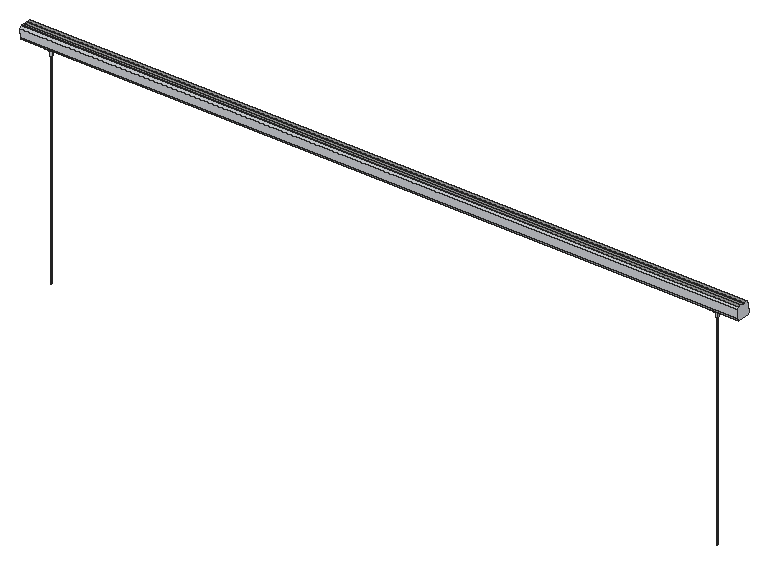
Revit family "0042555 Sylvania Lighting Fixture ISOLINE 3380MM 4K 1-7WD 1-7BLK DA", category Lighting Fixtures, host Face, Revit 2018
Family settings
  Host = Face
  Round Connector Dimension = Use Diameter
  Part Type = Normal
  OmniClass Number = 23.80.70.00
  OmniClass Title = Lighting
  Cut with Voids When Loaded = No
  Light Source = Yes
  Shared = No
  Room Calculation Point = No
Parameters (values of type "0042555 ISOLINE 3380MM 4K 1.7WD 1.7BLK DA")
  suspension height = 1000 mm
  spacer height = 5 mm
  spacer centres = 1000 mm
  height = 58.791 mm
  Width = 62 mm
  Weight = "n/a"
  Wattage Comments = ""
  Wattage = 9.2903 W
  WarrantyStartDate [instance] = "n/a"
  WarrantyGuarantorParts = "n/a"
  WarrantyDurationUnit = "n/a"
  WarrantyDurationParts = ""
  WarrantyDescription = "http://www.sylvania-lighting.com"
  built-in parameter 1150110 = 1 (stored number, unit not read)
  Voltage = 0 V
  URL = "0"
  TypeName = "ISOLINE 3380MM 4K 1.7WD 1.7BLK DA"
  Type Image = <None>
  Type Comments = "n/a"
  built-in parameter 1114217 = 1 (stored number, unit not read)
  Tilt Angle = 90.00°
  built-in parameter 1150109 = 1 (stored number, unit not read)
  built-in parameter 1150134 = 3
  built-in parameter 1150113 = 1 (stored number, unit not read)
  SerialNumber [instance] = "n/a"
  Photometric Web File = "0042555.ies"
  Material_3_FEILO = none
  PowerFactor = 0
  PowerConsumption = "Lighting"
  NominalLength = 62 mm
  NominalHeight = 0 mm
  NominalDepth = 0 mm
  Name = "ISOLINE 3380MM 4K 1.7WD 1.7BLK DA"
  ModelReference = Name  # "ISOLINE 3380MM 4K 1.7WD 1.7BLK DA"
  ModelNumber = "0042555"
  Model = Name  # "ISOLINE 3380MM 4K 1.7WD 1.7BLK DA"
  Material = "Feilo Sylvania"
  ManufacturerName = "145 lm/W"
  Manufacturer = ""
  LuminousEfficacy = ""
  built-in parameter 1150105 = 109.82 (stored number, unit not read)
  Lumens = 1380 lm
  LuminaireType = "0"
  built-in parameter 1150115 = 1 (stored number, unit not read)
  LightOutputRatio = "LED"
  built-in parameter 1150137 = (empty or 0)
  built-in parameter 1150139 = (empty or 0)
  Length = 3380 mm
  LampsType = Lamp  # "n/a"
  LampNominalLuminous = "4000 K"
  LampMacAdamStep = "80"
  LampColourTemperature = "LED"
  LampColourRenderingIndex = "16500"
  built-in parameter 1150112 = 1 (stored number, unit not read)
  built-in parameter 1150114 = 1 (stored number, unit not read)
  Lamp = "n/a"
  Keynote = "n/a"
  InstallationDate [instance] = "n/a"
  InputVoltage = "0"
  InputNominalFrequency = "4000"
  built-in parameter 1150132 = (empty or 0)
  built-in parameter 1150102 = (empty or 0)
  built-in parameter 1150107 = 3200 (stored number, unit not read)
  built-in parameter 1150138 = (empty or 0)
  IngressProtection = "IfcLightFixtureType"
  ImpactProtectionIndex = "IfcLightFixtureType"
  built-in parameter 1150106 = 1.0982 (stored number, unit not read)
  IfcExportType = "IfcLightFixtureType"
  IfcExportAs = "Class I"
  Height = 1000 mm
  ExpectedLife = 50000
  Emit from Circle Diameter = 609.6 mm
  Emit Shape Visible in Rendering = no
  ElectricShockClassification = "145"
  built-in parameter 1150104 = 13.8 (stored number, unit not read)
  DurationUnit = "hours"
  DocumentationLiterature = "http://www.sylvania-lighting.com/product/en-int/products/0042555"
  DimmingControlOptions = "n/a"
  Material_2_FEILO = none
  Dimming Lamp Color Temperature Shift = <None>
  Description = ""
  Default Elevation = 1219.2 mm
  CreatedOn = "04/03/2021"
  CreatedBy = "@sylvania-lighting.com"
  Cost = 0
  Color Filter = 16777215
  built-in parameter 1114216 [instance] = (empty or 0)
  ClassificationValue = "EF_70_80"
  ClassificationName = "Uniclass2015"
  Material_1_FEILO = none
  BarCode [instance] = "n/a"
  built-in parameter 1114218 = 1 (stored number, unit not read)
  built-in parameter 1150133 = 10 (stored number, unit not read)
  AssetType = "Fixed"
  AssetIdentifier [instance] = "n/a"
  Assembly Code = "D5020200"
  Apparent Load = 56 VA
  Material_4_FEILO = none
Reference planes
  plane 1 "Center (Front/Back)": y = 0
  plane 2: z = 0
  plane 3 "Center (Left/Right)": x = 0
  plane 4: z = 0
  plane 5: z = 1000
  plane 6: y = 31
  plane 7: y = -31
  plane 8: x = -1690
  plane 9: x = 1690
  plane 10: x = -37.307
  plane 11: x = 55
  plane 12: z = 1058.791
  plane 13: z = 51
  plane 14: y = -27
  plane 15: y = 27
  plane 16: z = 12
  plane 17: y = -24.969
  plane 18: y = 25
  plane 19: y = 12
  plane 20: y = -12
  plane 21: z = 1.634
  plane 22: y = -8
  plane 23: y = 8
  plane 24: x = -1580
  plane 25: x = -1555
  plane 26: x = 1580
  plane 27: x = 1555
  plane 28: z = 995
  plane 29: y = 26.98
  plane 30: y = 16.98
  plane 31: y = -27.027
  plane 32: y = -17.004
  plane 33: z = 996.5
  plane 34: y = 26.002
  plane 35: y = -26.027
  plane 36: through (-1580, 7.965, 1219.2) normal (0.5391, 0.8423, 0)
  plane 37: through (-1555, 7.965, 1219.2) normal (0.5391, -0.8423, 0)
  plane 38: through (1555, 7.965, 1219.2) normal (0.5391, 0.8423, 0)
  plane 39: through (1580, 8, 1219.2) normal (0.5399, -0.8417, 0)
  plane 40: z = 1058.003
  plane 41: z = 1056.819
  plane 42: x = 845
Forms (mm)
  Extrusion 1, solid, detail levels medium+fine
    sketch origin (-1690, -1523.717, -160.594) x (0, -1, -0.000261) y (0, 0.000261, -1)
      loop
        line (-1493, -1168.2) -> (-1497, -1160.2) -> (-1551, -1160.2) -> (-1555, -1168.2) -> (-1555, -1207.2) -> (-1549.109, -1218.982) -> (-1535.466, -1218.982) -> (-1532, -1217.566) -> (-1516, -1217.566) -> (-1512.511, -1218.991) -> (-1498.896, -1218.991) -> (-1493, -1207.2) -> (-1493, -1168.2)
    from 0 to 3380
  Extrusion 2, solid
    sketch origin (1555, 1524, 1219.189) x (0, 1, 0) y (0, 0, 1)
      loop
        line (-1497.021, -219.189) -> (-1498.02, -219.189) -> (-1507.02, -223.699) -> (-1541.004, -223.699) -> (-1550.017, -219.203) -> (-1551.02, -219.203) -> (-1541.004, -224.2) -> (-1507.02, -224.2) -> (-1497.021, -219.189)
    from 0 to 25
  Extrusion 3, solid
    sketch origin (-1580, 1524, 1219.189) x (0, 1, 0) y (0, 0, 1)
      loop
        line (-1497.021, -219.189) -> (-1498.02, -219.189) -> (-1507.02, -223.699) -> (-1541.004, -223.699) -> (-1550.017, -219.203) -> (-1551.02, -219.203) -> (-1541.004, -224.2) -> (-1507.02, -224.2) -> (-1497.021, -219.189)
    from 0 to 25
  Extrusion 4, solid
    sketch origin (4.2, 0, 0) x (1, 0, 0) y (0, 1, 0)
      loop
        circle (-1571.7, -0.035) r 5
    from 962.277 to 995
  Extrusion 5, solid
    sketch origin (3139.062, 0.065, 0) x (1, 0, 0) y (0, 1, 0)
      loop
        circle (-1571.7, -0.035) r 5
    from 962.277 to 995
  Extrusion 6, solid
    sketch origin (4.2, 0, 0) x (1, 0, 0) y (0, 1, 0)
      loop
        circle (-1571.7, -0.035) r 1.5
    from 0 to 962.277
  Extrusion 7, solid
    sketch origin (3139.076, 0.033, 0) x (1, 0, 0) y (0, 1, 0)
      loop
        circle (-1571.7, -0.035) r 1.5
    from 0 to 977.512
  Extrusion 8, solid, material "Glass, White, High Luminance", detail levels fine
    sketch origin (319, 1524, 1219.2) x (0, 1, 0) y (0, 0, 1)
      loop
        line (-1498.926, -160.099) -> (-1512.703, -160.099) -> (-1516.213, -161.534) -> (-1531.9, -161.534) -> (-1535.47, -160.114) -> (-1549.12, -160.114) -> (-1549.12, -161.197) -> (-1535.782, -161.197) -> (-1532.805, -162.381) -> (-1515.468, -162.381) -> (-1512.929, -161.197) -> (-1498.926, -161.197) -> (-1498.926, -160.099)
    from -2009 to 1371
  Extrusion 9, solid, detail levels coarse
    sketch origin (319, 1524, 1219.2) x (0, 1, 0) y (0, 0, 1)
      loop
        line (-1493, -160.052) -> (-1555, -160.052) -> (-1555, -1219.2) -> (-1493, -1219.2) -> (-1493, -160.052)
    from -2009 to 1371
Dimensions and locks
  "Width": plane 6 to plane 7
  equal spacing: plane 6, plane 1 "Center (Front/Back)", plane 7
  "Length": plane 8 to plane 9
  equal spacing: plane 8, plane 3 "Center (Left/Right)", plane 9
  "height": plane 12 to plane 5
  "suspension height": plane 5 to level
  aligned and locked: host face to plane 2
  aligned and locked: host face to level
Automatic sketch dimensions
  host sketch curve to host sketch curve = 3582.803 mm
  host sketch curve to host sketch curve = 2438.4 mm
  Extrusion 1 sketch curve to plane 29 = 0 mm
  Extrusion 1 sketch curve to plane 6 = 0.033 mm
  Extrusion 1 sketch curve to plane 12 = 11.778 mm
  Extrusion 1 sketch curve to Extrusion 1 sketch curve = 4 mm  (x2)
  Extrusion 1 sketch curve to Extrusion 1 sketch curve = 5.891 mm
  Extrusion 1 sketch curve to Extrusion 1 sketch curve = 13.643 mm
  Extrusion 1 sketch curve to Extrusion 1 sketch curve = 3.466 mm
  Extrusion 1 sketch curve to Extrusion 1 sketch curve = 16 mm
  Extrusion 1 sketch curve to Extrusion 1 sketch curve = 3.489 mm
  Extrusion 1 sketch curve to Extrusion 1 sketch curve = 13.615 mm
  Extrusion 1 sketch curve to Extrusion 1 sketch curve = 54 mm
  Extrusion 1 sketch curve to Extrusion 1 sketch curve = 47 mm
  Extrusion 1 sketch curve to Extrusion 1 sketch curve = 10.366 mm
  Extrusion 1 sketch curve to Extrusion 1 sketch curve = 1.425 mm
  Extrusion 1 sketch curve to Extrusion 1 sketch curve = 11.782 mm
  Extrusion 1 sketch curve to Extrusion 1 sketch curve = 8 mm  (x2)
  Extrusion 2 sketch curve to plane 32 = 0 mm  (x2)
  Extrusion 2 sketch curve to plane 30 = 0 mm  (x2)
  Extrusion 2 sketch curve to plane 5 = 0 mm
  Extrusion 2 sketch curve to plane 35 = 0.01 mm
  Extrusion 2 sketch curve to plane 31 = 0.007 mm
  plane 34 to Extrusion 2 sketch curve = 0.022 mm
  plane 29 to Extrusion 2 sketch curve = 0.001 mm
  Extrusion 2 sketch curve to plane 5 = 0.014 mm
  plane 28 to Extrusion 2 sketch curve = 0.489 mm
  Extrusion 2 sketch curve to plane 28 = 0.011 mm
  Extrusion 3 sketch curve to plane 32 = 0 mm  (x2)
  Extrusion 3 sketch curve to plane 30 = 0 mm  (x2)
  Extrusion 3 sketch curve to plane 5 = 0 mm
  Extrusion 3 sketch curve to plane 35 = 0.01 mm
  Extrusion 3 sketch curve to plane 31 = 0.007 mm
  plane 34 to Extrusion 3 sketch curve = 0.022 mm
  plane 29 to Extrusion 3 sketch curve = 0.001 mm
  Extrusion 3 sketch curve to plane 5 = 0.014 mm
  plane 28 to Extrusion 3 sketch curve = 0.489 mm
  Extrusion 3 sketch curve to plane 28 = 0.011 mm
  Extrusion 4 sketch curve to plane 36 = 0 mm
  plane 37 to Extrusion 4 sketch curve = 0 mm
  Extrusion 5 sketch curve to plane 1 "Center (Front/Back)" = 0.029 mm
  plane 27 to Extrusion 5 sketch curve = 12.362 mm
  Extrusion 6 sketch curve to plane 36 = 0 mm
  plane 37 to Extrusion 6 sketch curve = 0 mm
  plane 1 "Center (Front/Back)" to Extrusion 7 sketch curve = 0.002 mm
  plane 27 to Extrusion 7 sketch curve = 12.376 mm
  Extrusion 8 sketch curve to plane 40 = 0 mm  (x2)
  Extrusion 8 sketch curve to plane 41 = 0 mm
  plane 17 to Extrusion 8 sketch curve = 0.151 mm
  Extrusion 8 sketch curve to plane 20 = 0.218 mm
  plane 12 to Extrusion 8 sketch curve = 0.295 mm
  Extrusion 8 sketch curve to plane 20 = 0.53 mm
  plane 22 to Extrusion 8 sketch curve = 0.805 mm
  Extrusion 8 sketch curve to plane 22 = 0.1 mm
  plane 23 to Extrusion 8 sketch curve = 0.213 mm
  Extrusion 8 sketch curve to plane 23 = 0.532 mm
  plane 19 to Extrusion 8 sketch curve = 0.929 mm
  Extrusion 8 sketch curve to plane 18 = 0.074 mm
  plane 41 to Extrusion 8 sketch curve = 0.848 mm
  plane 19 to Extrusion 8 sketch curve = 0.703 mm
  plane 12 to Extrusion 8 sketch curve = 0.31 mm
  Extrusion 9 sketch curve to plane 7 = 0 mm
  Extrusion 9 sketch curve to plane 6 = 0 mm
  Extrusion 9 sketch curve to plane 33 = 996.5 mm
  plane 12 to Extrusion 9 sketch curve = 0.357 mm
  radius of Extrusion 4 sketch curve = 5 mm
  radius of Extrusion 5 sketch curve = 5 mm
  radius of Extrusion 6 sketch curve = 1.5 mm
  radius of Extrusion 7 sketch curve = 1.5 mm
Connectors
  electrical at (0, -0.02, 1000.004)
    settings: on Extrusion 1, index 1, voltage 0 V, apparent load 0 VA, apparent load phase1 0 VA, apparent load phase2 0 VA, apparent load phase3 0 VA, power factor 1, load classification "Other", number of poles 1, system type 31, power factor state 1, is connector primary yes, connector utility no, sub classification motor no, connector description ""
